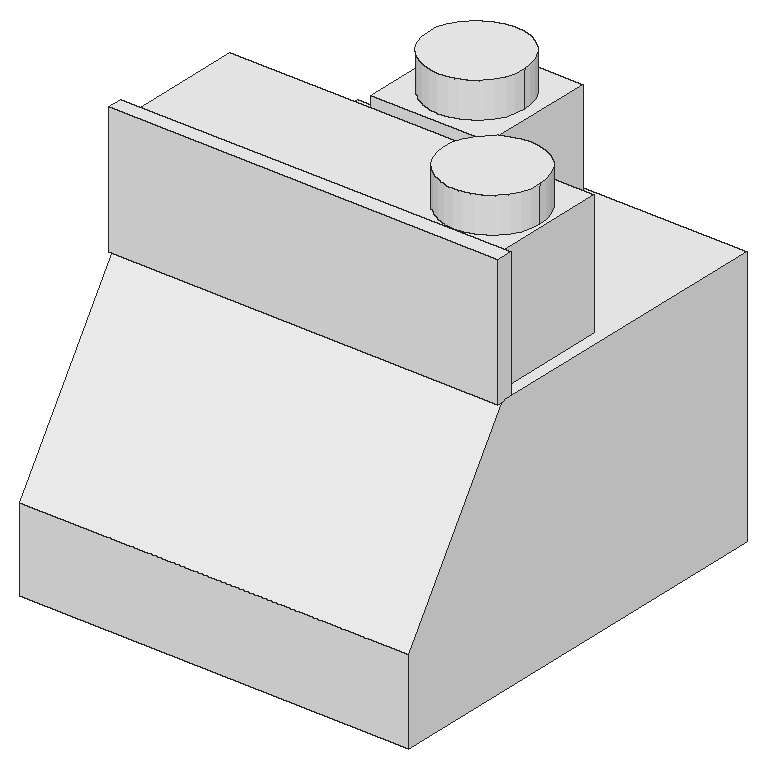
Revit family "レンジフードファン(ブース形自然給気タイプ)2_6", category 機械設備, Revit 2019
Family settings
  丸型コネクタ寸法 = 直径を使用
  パーツ タイプ = 標準
  OmniClass 番号 = 23.75.35.17.27
  OmniClass タイトル = Centrifugal Fans
  作業面ベース = いいえ
  常に垂直 = はい
  ロード時にボイドで切り取り = いいえ
  共有 = いいえ
  部屋計算ポイント = いいえ
Parameters (values of type "V-604KQE9")
  騒音レベル(dB(A)) = 39
  風量 = 575.0 m³/h
  電源種別 [instance] = ""
  電圧 = 100 V
  電動機出力 = 0 W
  電動機_種別 = ""
  集中コントローラ = ""
  運転質量 = 0.00 kg
  連動 [instance] = ""
  質量 = if(製品質量 > 運転質量, 製品質量, 運転質量) * 1.2  # 25.80 kg
  負荷分類 = 3_ファン類
  説明 = "レンジフードファン 深形 自然給気タイプ"
  設計風量 = 0.0 m³/h
  設置方法 = "天吊"
  記号 [instance] = ""
  製造元 = "三菱電機株式会社"
  製品質量 = 21.50 kg
  製品出荷対象 = "国内"
  製品リリース年月 = "2022年6月1日"
  製品グループ = ""
  系統 [instance] = ""
  符号 = if(☑給気／□排気, "FS", "FE")  # "FE"
  積算_科目 = "2 換気設備"
  積算_拾い区分 [instance] = ""
  相 = 1
  盤記号 [instance] = ""
  発停方法 [instance] = ""
  特殊仕様 [instance] = ""
  火災停止 [instance] = ""
  消費電力 = 90 W
  法定耐用年数 = "15"
  機外静圧_排気 = 210.0 Pa
  機外静圧 = 0.0 Pa
  極数 = 2
  材質 [instance] = ""
  操作・制御方式 = ""
  操作・制御スイッチ = ""
  排気量 = 0.0 m³/h
  形式 = "片吸込形"
  幹線記号 [instance] = ""
  対象室 [instance] = ""
  実風量 = 0.0 m³/h
  始動方式 [instance] = "直入"
  天吊用穴_ピッチ = 480 mm
  天吊用穴_D = 255 mm
  外気量 = 0.0 m³/h
  呼称 = "遠心送風機"
  周波数 = 60 Hz
  参照している仕様書等のバージョン = ""
  分類コード = "50052503100060"
  分類グループ = ""
  価格 = 164000
  企業コード = "108420"
  付属品_フィルター_還気 = ""
  付属品_フィルター = ""
  付属品 [instance] = ""
  仕様書バージョン = "Version1.0"
  上幕板_左側面 = no
  上幕板_右側面 = no
  モデル = "V-604KQE9"
  マテリアル = 鋼板(白)
  ファンの種類 = ""
  ダクト径 = 150 mm
  コメント [instance] = ""
  Keynote = ""
  Assembly Code = ""
  ☑給気／□排気 = no
  Width = 600 mm
  W1 = Width / 2  # 300 mm
  Version = ""
  Uniclass2015Version = "Systems v1.9"
  Uniclass2015Title = "Centrifugal fans"
  Uniclass2015Code = "Pr_65_67_29_12"
  URL = "https://www.mitsubishielectric.co.jp/ldg/wink/ssl/displayProduct.do?pid=320916"
  SpecificationReference = ""
  SpecificationDescription = ""
  SAダクト接続口_左側面 = no
  SAダクト接続口_左上部 = no
  SAダクト接続口_右後部 = no
  SAダクト接続口_右側面 = no
  SAサイズ_D = 148 mm
  Revision = ""
  ProductInformation = ""
  OmniClassCode = "23-33 31 19 13 15"
  H2 = 600 mm
  SAダクト接続口_左後部 = no
  MIN風量 = 225.0 m³/h
  MIN静圧 = 0.0 Pa
  MID風量 = 335.0 m³/h
  MID静圧 = 0.0 Pa
  MAX風量 = 575.0 m³/h
  MAX静圧 = 0.0 Pa
  IfcTypeProduct = ""
  IfcProduct = ""
  IfcExportType = "CENTRIFUGALFORWARDCURVED"
  IfcExportAs = "IfcFanType"
  Height = 400 mm
  H1 = 129 mm
  SAダクト接続口_右上部 = yes
  EAダクト接続口_後部 = no
  EAダクト接続口_左側面 = no
  EAダクト接続口_右側面 = no
  EAダクト接続口_上部 = yes
  EAサイズ_D = 148 mm
  Duct_SA_Shutter_Width = 560 mm
  Duct_SA_Shutter_Height = 190 mm
  Duct_SA_Shutter_D = 270 mm
  Duct_SA_Pitch = 400 mm
  Duct_SA_D = 365 mm
  Duct_Height = 55 mm
  Duct_EA_Shutter_Width = 182 mm
  Duct_EA_Shutter_Height = 182 mm
  Duct_EA_Shutter_Depth = 182 mm
  Duct_EA_H = 91 mm
  Duct_EA_D = 145 mm
  Duct_SA_H = 500 mm
  Depth = 650 mm
  D3 = 160 mm
  D2 = 480 mm
  D1 = 469 mm
  Clearance Top = 0 mm
  Clearance Right = 0 mm
  Clearance Left = 0 mm
  Clearance Front = 0 mm
  Clearance Bottom = 0 mm
  Clearance Back = 0 mm
  Author = "三菱電機株式会社"
Types (5, lengths in mm): name | 質量 | 製品質量 | 価格 | モデル | Width | W1 | URL | MIN風量 | MID風量
  V-604KQE9 | 25.80 kg | 21.50 kg | 164000 | "V-604KQE9" | 600 | 300 | "https://www.mitsubishielectric.co.jp/ldg/wink/ssl/displayProduct.do?pid=320916" | 225.0 m³/h | 335.0 m³/h
  V-604KQESW8 | 25.80 kg | 21.50 kg | 149100 | "V-604KQESW8" | 600 | 300 | "https://www.mitsubishielectric.co.jp/ldg/wink/ssl/displayProduct.do?pid=320917" | 335.0 m³/h | 0.0 m³/h
  V-754KQE9 | 28.20 kg | 23.50 kg | 196800 | "V-754KQE9" | 750 | 375 | "https://www.mitsubishielectric.co.jp/ldg/wink/ssl/displayProduct.do?pid=320930" | 225.0 m³/h | 335.0 m³/h
  V-754KQESW8 | 28.20 kg | 23.50 kg | 178900 | "V-754KQESW8" | 750 | 375 | "https://www.mitsubishielectric.co.jp/ldg/wink/ssl/displayProduct.do?pid=320931" | 225.0 m³/h | 335.0 m³/h
  V-904KQE9 | 30.60 kg | 25.50 kg | 231100 | "V-904KQE9" | 900 | 450 | "https://www.mitsubishielectric.co.jp/ldg/wink/ssl/displayProduct.do?pid=320566" | 225.0 m³/h | 335.0 m³/h
Reference planes
  plane 1 "中心(正面/背面)": y = 0
  plane 2: z = 0
  plane 3 "中心(左/右)": x = 0
  plane 4: x = -300
  plane 5: x = 300
  plane 6: y = -650
  plane 7: z = -400
  plane 8: z = -271
  plane 9: y = -325
  plane 10: y = -469
  plane 11: y = -145
  plane 12: z = 200
  plane 13: y = -270
  plane 14: y = -480
  plane 15: x = 200
  plane 16: x = -200
  plane 17: z = 245
  plane 18: z = 100
  plane 19: y = -215
  plane 20: y = -365
  plane 21: z = 237
  plane 22: y = -255
  plane 23: x = -240
  plane 24: x = 240
  plane 25: x = -150
  plane 26: x = 150
  plane 27: y = -455
  plane 28: x = -280
  plane 29: x = 280
  plane 30: z = 190
  plane 31: y = -320
  plane 32: x = 335
  plane 33: x = -335
  plane 34: y = -54
  plane 35: y = -236
  plane 36: x = -91
  plane 37: x = 91
  plane 38: z = 182
  plane 39: z = 91
  plane 40: y = 1
  plane 41: x = 146
  plane 42: x = -146
  plane 43: x = -285
  plane 44: x = 285
Forms (mm)
  Extrusion 1, solid, material "鋼板(白)" <- "マテリアル", detail levels fine
    sketch origin (0, 0, 0) x (1, 0, 0) y (0, 1, 0)
      loop
        line (-300, 0) -> (-300, -469) -> (300, -469) -> (300, 0) -> (-300, 0)
    from -400 to 0
  Blend 2, solid, material "鋼板(白)" <- "マテリアル", detail levels fine
    base sketch origin (0, 0, 0) x (1, 0, 0) y (0, 0, 1)
      loop
        line (-300, -400) -> (300, -400) -> (300, 0) -> (-300, 0) -> (-300, -400)
    top sketch origin (0, 0, 0) x (1, 0, 0) y (0, 0, 1)
      loop
        line (-300, -400) -> (300, -400) -> (300, -271) -> (-300, -271) -> (-300, -400)
    from 469 to 650
  Extrusion 3, solid, material "鋼板(白)" <- "マテリアル", visible <- "EAダクト接続口_上部", detail levels fine
    sketch origin (0, 0, 0) x (1, 0, 0) y (0, 1, 0)
      loop
        circle (0, -145) r 74
    from 182 to 237
  Extrusion 4, solid, material "鋼板(白)" <- "マテリアル", detail levels fine
    sketch origin (0, 0, 0) x (1, 0, 0) y (0, 1, 0)
      loop
        line (-300, -455) -> (-300, -480) -> (300, -480) -> (300, -455) -> (-300, -455)
    from 0 to 200
  Extrusion 5, solid, material "鋼板(白)" <- "マテリアル", visible <- "SAダクト接続口_右上部", detail levels fine
    sketch origin (0, 0, 0) x (1, 0, 0) y (0, 1, 0)
      loop
        circle (200, -365) r 74
    from 190 to 245
  Extrusion 6, solid, material "鋼板(白)" <- "マテリアル", visible <- "SAダクト接続口_左後部", detail levels fine
    sketch origin (0, 0, 0) x (1, 0, 0) y (0, 0, 1)
      loop
        circle (-200, 100) r 74
    from 215 to 270
  Extrusion 7, solid, material "鋼板(白)" <- "マテリアル", visible <- "SAダクト接続口_右後部", detail levels fine
    sketch origin (0, 0, 0) x (1, 0, 0) y (0, 0, 1)
      loop
        circle (200, 100) r 74
    from 215 to 270
  Extrusion 8, solid, material "鋼板(白)" <- "マテリアル"
    sketch origin (0, 0, 0) x (1, 0, 0) y (0, 1, 0)
      loop
        line (-280, -270) -> (-280, -455) -> (280, -455) -> (280, -270) -> (-280, -270)
    from 0 to 190
  Extrusion 9, solid, material "鋼板(白)" <- "マテリアル", visible <- "上幕板_左側面"
    sketch origin (0, 0, 0) x (1, 0, 0) y (0, 1, 0)
      loop
        line (-285, -455) -> (-285, -320) -> (-300, -320) -> (-300, -455) -> (-285, -455)
    from 0 to 200
  Extrusion 10, solid, material "鋼板(白)" <- "マテリアル", visible <- "上幕板_右側面"
    sketch origin (0, 0, 0) x (-1, 0, 0) y (0, -1, 0)
      loop
        line (-285, 455) -> (-300, 455) -> (-300, 320) -> (-285, 320) -> (-285, 455)
    from 0 to 200
  Extrusion 11, solid, material "鋼板(白)" <- "マテリアル", visible <- "SAダクト接続口_左側面"
    sketch origin (0, 0, 0) x (0, 1, 0) y (0, 0, 1)
      loop
        circle (-365, 100) r 74
    from -335 to -280
  Extrusion 12, solid, material "鋼板(白)" <- "マテリアル", visible <- "SAダクト接続口_右側面"
    sketch origin (0, 0, 0) x (0, 1, 0) y (0, 0, 1)
      loop
        circle (-365, 100) r 74
    from 280 to 335
  Extrusion 13, solid, material "鋼板(白)" <- "マテリアル", visible <- "SAダクト接続口_左上部"
    sketch origin (0, 0, 0) x (1, 0, 0) y (0, 1, 0)
      loop
        circle (-200, -365) r 74
    from 190 to 245
  Extrusion 14, solid, material "鋼板(白)" <- "マテリアル"
    sketch origin (0, 0, 0) x (1, 0, 0) y (0, 1, 0)
      loop
        line (-91, -54) -> (-91, -236) -> (91, -236) -> (91, -54) -> (-91, -54)
    from 0 to 182
  Extrusion 15, solid, material "鋼板(白)" <- "マテリアル", visible <- "EAダクト接続口_後部"
    sketch origin (0, 0, 0) x (1, 0, 0) y (0, 0, 1)
      loop
        circle (0, 91) r 74
    from -1 to 54
  Extrusion 16, solid, material "鋼板(白)" <- "マテリアル", visible <- "EAダクト接続口_左側面"
    sketch origin (0, 0, 0) x (0, 1, 0) y (0, 0, 1)
      loop
        circle (-145, 91) r 74
    from -146 to -91
  Extrusion 17, solid, material "鋼板(白)" <- "マテリアル", visible <- "EAダクト接続口_右側面"
    sketch origin (0, 0, 0) x (0, 1, 0) y (0, 0, 1)
      loop
        circle (-145, 91) r 74
    from 91 to 146
Cuts and joins
  joined: Extrusion 1, Blend 2
Lines and regions (mm)
  Masking region 1, detail levels coarse+medium
    outline origin (1326.5, 29, 0) x (1, 0, 0) y (0, 1, 0)
      loop
        line (-1626.5, -29) -> (-1626.5, -679) -> (-1026.5, -679) -> (-1026.5, -29) -> (-1626.5, -29)
  symbolic lines, detail levels coarse+medium
    curve 1: circle (-150, -325, 0) r 150 normal (0, 0, 1)
    curve 2: circle (150, -325, 0) r 150 normal (0, 0, 1)
Dimensions and locks
  equal spacing: plane 4, plane 3 "中心(左/右)", plane 5
  "Width": plane 4 to plane 5
  equal spacing: plane 6, plane 9, plane 1 "中心(正面/背面)"
  "Depth": plane 1 "中心(正面/背面)" to plane 6
  "D1": plane 1 "中心(正面/背面)" to plane 10
  "Duct_EA_D": plane 1 "中心(正面/背面)" to plane 11
  "Height": level to plane 7
  "H1": plane 8 to plane 7
  "H2": plane 12 to plane 7
  "D2": plane 1 "中心(正面/背面)" to plane 14
  "Duct_SA_Shutter_D": plane 1 "中心(正面/背面)" to plane 13
  "Duct_SA_D": plane 1 "中心(正面/背面)" to plane 20
  equal spacing: plane 16, plane 3 "中心(左/右)", plane 15
  "Duct_SA_Pitch": plane 16 to plane 15
  "Duct_Height": plane 19 to plane 13
  "天吊用穴_D": plane 22 to plane 1 "中心(正面/背面)"
  equal spacing: plane 23, plane 3 "中心(左/右)", plane 24
  "天吊用穴_ピッチ": plane 23 to plane 24
  equal spacing: plane 4, plane 25, plane 3 "中心(左/右)"
  equal spacing: plane 3 "中心(左/右)", plane 26, plane 5
  locked: plane 27 to plane 14 at 25
  equal spacing: plane 28, plane 3 "中心(左/右)", plane 29
  "Duct_SA_Shutter_Width": plane 28 to plane 29
  "Duct_SA_Shutter_Height": plane 30 to level
  "D3": plane 31 to plane 14
  "Duct_SA_H": plane 18 to plane 7
  "Duct_Height": plane 29 to plane 32
  "Duct_Height": plane 33 to plane 28
  "Duct_Height": plane 17 to plane 30
  "Duct_EA_Shutter_Depth": plane 34 to plane 35
  equal spacing: plane 34, plane 11, plane 35
  equal spacing: plane 36, plane 3 "中心(左/右)", plane 37
  "Duct_EA_Shutter_Width": plane 36 to plane 37
  "Duct_EA_Shutter_Height": plane 38 to level
  "Duct_Height": plane 21 to plane 38
  "Duct_EA_H": plane 39 to level
  "Duct_Height": plane 40 to plane 34
  "Duct_Height": plane 42 to plane 36
  "Duct_Height": plane 37 to plane 41
  locked: plane 4 to plane 43 at 15
  locked: plane 44 to plane 5 at 15
  "EAサイズ_D": diameter of Extrusion 6 sketch curve
  "SAサイズ_D": diameter of Extrusion 7 sketch curve
  "EAサイズ_D": diameter of Extrusion 3 sketch curve
  "W1": diameter of curve 1
  "W1": diameter of curve 2
  "SAサイズ_D": diameter of Extrusion 11 sketch curve
  "SAサイズ_D": diameter of Extrusion 12 sketch curve
  "SAサイズ_D": diameter of Extrusion 5 sketch curve
  "SAサイズ_D": diameter of Extrusion 13 sketch curve
  "EAサイズ_D": diameter of Extrusion 15 sketch curve
  "EAサイズ_D": diameter of Extrusion 16 sketch curve
  "EAサイズ_D": diameter of Extrusion 17 sketch curve
  aligned and locked: level to plane 2
  aligned and locked: Masking region 1 to plane 4
  aligned and locked: plane 5 to Masking region 1
  aligned and locked: Masking region 1 to plane 6
  aligned and locked: Masking region 1 to plane 1 "中心(正面/背面)"
  aligned and locked: plane 1 "中心(正面/背面)" to Extrusion 1 sketch curve
  aligned and locked: plane 4 to Extrusion 1 sketch curve
  aligned and locked: plane 10 to Extrusion 1 sketch curve
  aligned and locked: Extrusion 1 sketch curve to plane 5
  aligned and locked: Blend 2 sketch curve to plane 7  (x2)
  aligned and locked: level to Blend 2 sketch curve
  aligned and locked: Blend 2 sketch curve to plane 5
  aligned and locked: Blend 2 sketch curve to plane 4
  aligned and locked: var sketch to Blend 2 sketch curve
  aligned and locked: Extrusion 1 to plane 7
  aligned and locked: level to Extrusion 1
  aligned and locked: Blend 2 to plane 6
  aligned and locked: plane 10 to Blend 2
  aligned and locked: plane 8 to Blend 2 sketch curve
  aligned and locked: plane 4 to Extrusion 4 sketch curve
  aligned and locked: plane 14 to Extrusion 4 sketch curve
  aligned and locked: Extrusion 4 sketch curve to plane 5
  aligned and locked: plane 12 to Extrusion 4
  aligned and locked: Extrusion 4 to level
  aligned and locked: plane 17 to Extrusion 5
  aligned and locked: plane 19 to Extrusion 6
  aligned and locked: plane 19 to Extrusion 7
  aligned and locked: Extrusion 6 to plane 13
  aligned and locked: Extrusion 7 to plane 13
  aligned and locked: plane 21 to Extrusion 3
  aligned and locked: nested 1 to plane 22
  aligned and locked: plane 23 to nested 1
  aligned and locked: plane 24 to nested 1
  aligned and locked: Extrusion 4 sketch curve to plane 27
  aligned and locked: Extrusion 8 sketch curve to plane 13
  aligned and locked: plane 29 to Extrusion 8
  aligned and locked: Extrusion 8 to plane 28
  aligned and locked: Extrusion 8 to plane 27
  aligned and locked: plane 30 to Extrusion 8
  aligned and locked: Extrusion 8 to level
  aligned and locked: Extrusion 9 sketch curve to plane 31
  aligned and locked: plane 27 to Extrusion 9 sketch curve
  aligned and locked: plane 4 to Extrusion 9 sketch curve
  aligned and locked: plane 5 to Extrusion 10 sketch curve
  aligned and locked: plane 31 to Extrusion 10 sketch curve
  aligned and locked: Extrusion 10 sketch curve to plane 27
  aligned and locked: plane 12 to Extrusion 10
  aligned and locked: Extrusion 10 to level
  aligned and locked: plane 12 to Extrusion 9
  aligned and locked: Extrusion 9 to level
  aligned and locked: plane 32 to Extrusion 12
  aligned and locked: Extrusion 12 to plane 29
  aligned and locked: plane 33 to Extrusion 11
  aligned and locked: plane 28 to Extrusion 11
  aligned and locked: Extrusion 5 to plane 30
  aligned and locked: plane 17 to Extrusion 13
  aligned and locked: Extrusion 13 to plane 30
  aligned and locked: Extrusion 14 sketch curve to plane 34
  aligned and locked: plane 36 to Extrusion 14 sketch curve
  aligned and locked: Extrusion 14 sketch curve to plane 37
  aligned and locked: plane 35 to Extrusion 14 sketch curve
  aligned and locked: plane 38 to Extrusion 14
  aligned and locked: Extrusion 14 to level
  aligned and locked: Extrusion 3 to plane 38
  aligned and locked: Extrusion 15 to plane 34
  aligned and locked: plane 40 to Extrusion 15
  aligned and locked: plane 41 to Extrusion 17
  aligned and locked: Extrusion 17 to plane 37
  aligned and locked: plane 42 to Extrusion 16
  aligned and locked: plane 36 to Extrusion 16
  aligned and locked: Extrusion 9 sketch curve to plane 43
  aligned and locked: plane 44 to Extrusion 10 sketch curve
Automatic sketch dimensions
  curve 1 to plane 9 = 0 mm
  curve 1 to plane 25 = 0 mm
  curve 2 to plane 9 = 0 mm
  curve 2 to plane 26 = 0 mm
  Masking region 1 sketch curve to plane 4 = 0 mm
  Masking region 1 sketch curve to plane 5 = 0 mm
  Masking region 1 sketch curve to plane 6 = 0 mm
  plane 1 "中心(正面/背面)" to Masking region 1 sketch curve = 0 mm
  Blend 2 sketch curve to plane 4 = 0 mm
  Extrusion 3 sketch curve to plane 3 "中心(左/右)" = 0 mm
  Extrusion 3 sketch curve to plane 11 = 0 mm
  Extrusion 6 sketch curve to plane 16 = 0 mm
  Extrusion 6 sketch curve to plane 18 = 0 mm
  Extrusion 7 sketch curve to plane 15 = 0 mm
  Extrusion 7 sketch curve to plane 18 = 0 mm
  Extrusion 8 sketch curve to plane 27 = 0 mm
  Extrusion 8 sketch curve to plane 28 = 0 mm
  Extrusion 8 sketch curve to plane 29 = 0 mm
  Extrusion 11 sketch curve to plane 18 = 0 mm
  Extrusion 11 sketch curve to plane 20 = 0 mm
  Extrusion 12 sketch curve to plane 18 = 0 mm
  Extrusion 12 sketch curve to plane 20 = 0 mm
  Extrusion 5 sketch curve to plane 15 = 0 mm
  Extrusion 5 sketch curve to plane 20 = 0 mm
  Extrusion 13 sketch curve to plane 16 = 0 mm
  Extrusion 13 sketch curve to plane 20 = 0 mm
  Extrusion 15 sketch curve to plane 3 "中心(左/右)" = 0 mm
  Extrusion 15 sketch curve to plane 39 = 0 mm
  Extrusion 16 sketch curve to plane 11 = 0 mm
  Extrusion 16 sketch curve to plane 39 = 0 mm
  Extrusion 17 sketch curve to plane 11 = 0 mm
  Extrusion 17 sketch curve to plane 39 = 0 mm
Nested families
  nested 1: "固定点" at (-240, -255, 0), type "固定点"
    with W 480 mm, D 1000 mm
Connectors
  hvac at (0, -145, 237), driven by "ダクト径", driven by "機外静圧", driven by "風量"
    settings: on Extrusion 3, index 1, duct flow 575.0 m³/h, flow factor 0, pres drop 0.0 Pa, loss coef 0, conn angle 0.00°, conn width 304.8 mm, conn height 304.8 mm, conn diameter 150 mm, duct sys type 3, conn prof type 0, flow config 0, flow direction 2, loss method 4, conn ref index -1, conn util no, is conn primary yes, conn desc ""
  electrical at (0, -234.5, 0), driven by "極数", driven by "負荷分類", driven by "電圧", driven by "消費電力"
    settings: on cut or joined group of Extrusion 1, Blend 2, index 2, voltage 100 V, apparent load 90 VA, apparent load phase1 0 VA, apparent load phase2 0 VA, apparent load phase3 0 VA, power factor 1, load classification "3_ファン類", number of poles 2, system type 30, power factor state 1, is connector primary yes, connector utility no, sub classification motor no, connector description ""
  hvac at (200, -365, 245), driven by "ダクト径", driven by "機外静圧", driven by "風量"
    settings: on Extrusion 5, index 3, duct flow 575.0 m³/h, flow factor 0, pres drop 0.0 Pa, loss coef 0, conn angle 0.00°, conn width 304.8 mm, conn height 304.8 mm, conn diameter 150 mm, duct sys type 1, conn prof type 0, flow config 0, flow direction 1, loss method 4, conn ref index -1, conn util no, is conn primary no, conn desc ""
  hvac at (200, -215, 100), driven by "機外静圧", driven by "風量", driven by "ダクト径"
    settings: on Extrusion 7, index 4, duct flow 575.0 m³/h, flow factor 0, pres drop 0.0 Pa, loss coef 0, conn angle 0.00°, conn width 304.8 mm, conn height 304.8 mm, conn diameter 150 mm, duct sys type 1, conn prof type 0, flow config 0, flow direction 1, loss method 4, conn ref index -1, conn util no, is conn primary no, conn desc ""
  hvac at (-200, -215, 100), driven by "機外静圧", driven by "風量", driven by "ダクト径"
    settings: on Extrusion 6, index 5, duct flow 575.0 m³/h, flow factor 0, pres drop 0.0 Pa, loss coef 0, conn angle 0.00°, conn width 304.8 mm, conn height 304.8 mm, conn diameter 150 mm, duct sys type 1, conn prof type 0, flow config 0, flow direction 1, loss method 4, conn ref index -1, conn util no, is conn primary no, conn desc ""
  hvac at (335, -365, 100), driven by "ダクト径", driven by "機外静圧", driven by "風量"
    settings: on Extrusion 12, index 6, duct flow 575.0 m³/h, flow factor 0, pres drop 0.0 Pa, loss coef 0, conn angle 0.00°, conn width 304.8 mm, conn height 304.8 mm, conn diameter 150 mm, duct sys type 1, conn prof type 0, flow config 0, flow direction 1, loss method 4, conn ref index -1, conn util no, is conn primary no, conn desc ""
  hvac at (-335, -365, 100), driven by "ダクト径", driven by "機外静圧", driven by "風量"
    settings: on Extrusion 11, index 7, duct flow 575.0 m³/h, flow factor 0, pres drop 0.0 Pa, loss coef 0, conn angle 0.00°, conn width 304.8 mm, conn height 304.8 mm, conn diameter 150 mm, duct sys type 1, conn prof type 0, flow config 0, flow direction 1, loss method 4, conn ref index -1, conn util no, is conn primary no, conn desc ""
  hvac at (-200, -365, 245), driven by "ダクト径", driven by "機外静圧", driven by "風量"
    settings: on Extrusion 13, index 8, duct flow 575.0 m³/h, flow factor 0, pres drop 0.0 Pa, loss coef 0, conn angle 0.00°, conn width 304.8 mm, conn height 304.8 mm, conn diameter 150 mm, duct sys type 1, conn prof type 0, flow config 0, flow direction 1, loss method 4, conn ref index -1, conn util no, is conn primary no, conn desc ""
  hvac at (146, -145, 91), driven by "ダクト径", driven by "機外静圧", driven by "風量"
    settings: on Extrusion 17, index 9, duct flow 575.0 m³/h, flow factor 0, pres drop 0.0 Pa, loss coef 0, conn angle 0.00°, conn width 304.8 mm, conn height 304.8 mm, conn diameter 150 mm, duct sys type 3, conn prof type 0, flow config 0, flow direction 2, loss method 4, conn ref index -1, conn util no, is conn primary no, conn desc ""
  hvac at (0, 1, 91), driven by "ダクト径", driven by "機外静圧", driven by "風量"
    settings: on Extrusion 15, index 10, duct flow 575.0 m³/h, flow factor 0, pres drop 0.0 Pa, loss coef 0, conn angle 0.00°, conn width 304.8 mm, conn height 304.8 mm, conn diameter 150 mm, duct sys type 3, conn prof type 0, flow config 0, flow direction 2, loss method 4, conn ref index -1, conn util no, is conn primary no, conn desc ""
  hvac at (-146, -145, 91), driven by "ダクト径", driven by "機外静圧", driven by "風量"
    settings: on Extrusion 16, index 11, duct flow 575.0 m³/h, flow factor 0, pres drop 0.0 Pa, loss coef 0, conn angle 0.00°, conn width 304.8 mm, conn height 304.8 mm, conn diameter 150 mm, duct sys type 3, conn prof type 0, flow config 0, flow direction 2, loss method 4, conn ref index -1, conn util no, is conn primary no, conn desc ""
Definition of nested family "固定点"
  Parameters (values of type "固定点")
    中心円 = 20 mm
    W [instance] = 1000 mm
    D [instance] = 1000 mm
  Reference planes
    plane 1 "中心(正面/背面)": y = 0
    plane 2: z = 0
    plane 3 "中心(左/右)": x = 0
    plane 4: x = 1000
  Lines and regions (mm)
    symbolic lines, detail levels fine
      curve 1: circle (0, 0, 0) r 10 normal (0, 0, 1)
      curve 2: circle (1000, 0, 0) r 10 normal (0, 0, 1)
      curve 3: line (-200, 0, 0) -> (1200, 0, 0)
      curve 4: line (0, 200, 0) -> (0, -200, 0)
      curve 5: line (1000, 200, 0) -> (1000, -200, 0)
  Dimensions and locks
    "W": plane 3 "中心(左/右)" to plane 4
    "中心円": diameter of curve 1
    "中心円": diameter of curve 2
    aligned and locked: level to plane 2
    aligned and locked: plane 3 "中心(左/右)" to curve 1
    aligned and locked: plane 1 "中心(正面/背面)" to curve 1
    aligned and locked: plane 1 "中心(正面/背面)" to curve 2
    aligned and locked: plane 4 to curve 2
    aligned and locked: plane 1 "中心(正面/背面)" to curve 3
    aligned and locked: curve 4 to plane 3 "中心(左/右)"
    aligned and locked: curve 5 to plane 4
  Automatic sketch dimensions
    curve 3 to plane 3 "中心(左/右)" = 200 mm
    curve 2 to curve 3 = 200 mm
    plane 1 "中心(正面/背面)" to curve 4 = 200 mm
    plane 1 "中心(正面/背面)" to curve 5 = 200 mm
    curve 5 to plane 1 "中心(正面/背面)" = 200 mm
    curve 4 to plane 1 "中心(正面/背面)" = 200 mm
